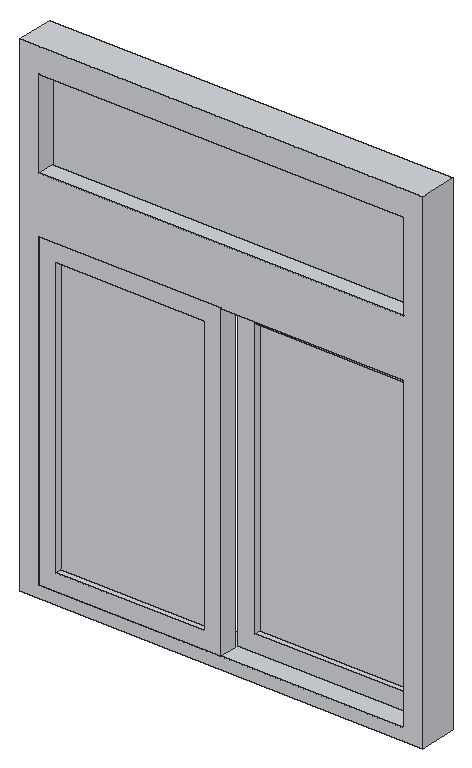
Revit family "Window W2", category Windows, host Wall, Revit 2025
Family settings
  Host = Wall
  OmniClass Number = 23.30.20.00
  OmniClass Title = Windows
  Always vertical = Yes
  Cut with Voids When Loaded = No
  Shared = No
  Room Calculation Point = No
Parameters
  Height = 4' - 0"
  Glass Material = none
  Glass Depth = 0' - 0 1/2"
  Frame Material = none
  Depth = 0' - 4 1/2"
  Default Sill Height = 3' - 0"
  Wall Closure = By host
  Width = 4' - 0"
Reference planes (in)
  plane 1 "Center (Front/Back)": y = 0
  plane 2: z = 0
  plane 3 "Center (Left/Right)": x = 0
  plane 4 "Sill": z = 36
  plane 5 "Top": z = 84
  plane 6: y = 2.25
  plane 7: y = -2.25
  plane 8: y = 0.25
  plane 9: y = -0.25
Forms (in)
  Extrusion 1, solid, material <- "Frame Material"
    sketch origin (0, 0, 0) x (1, 0, 0) y (0, 0, 1)
      loop
        line (21.75, 74.625) -> (-21.75, 74.625) -> (-21.75, 37.4375) -> (21.75, 37.4375) -> (21.75, 74.625)
      loop
        line (21.75, 92) -> (-21.75, 92) -> (-21.75, 81.5) -> (21.75, 81.5) -> (21.75, 92)
      loop
        line (24, 95) -> (-24, 95) -> (-24, 36) -> (24, 36) -> (24, 95)
    from -2.25 to 2.25
  Extrusion 2, solid, material <- "Glass Material"
    sketch origin (0, 0, 0) x (1, 0, 0) y (0, 0, 1)
      loop
        line (22.25, 92) -> (-22.25, 92) -> (-22.25, 81.5) -> (22.25, 81.5) -> (22.25, 92)
    from -0.25 to 0.25
Lines and regions (in)
  Opening 1
    outline origin (-60, -7, 0) x (1, 0, 0) y (0, 0, 1)
      loop
        line (36, 95) -> (36, 36) -> (84, 36) -> (84, 95) -> (36, 95)
Text (in)
  text "EXTERIOR" at (-58.6888, 50.90694, 0), in view "Ref. Level"
  text "INTERIOR" at (-58.6888, -37.76638, 0), in view "Ref. Level"
  text "Exterior" at (0, 43.65631, 123.19604), in view "Left"
  text "Exterior" at (0, 18.29385, 125.04747), in view "Right"
Dimensions and locks (in)
  "Height": plane 4 "Sill" to plane 5 "Top"
  "Default Sill Height": plane 2 to plane 4 "Sill"
  equal spacing: Extrusion 1 sketch curve, plane 3 "Center (Left/Right)", Extrusion 1 sketch curve  (x3)
  "Width": Extrusion 1 sketch curve to Extrusion 1 sketch curve
  Extrusion 1 sketch curve to Extrusion 1 sketch curve = 0' - 2 1/4"  (x2)
  plane 4 "Sill" to Extrusion 1 sketch curve = 4' - 11"
  Extrusion 1 sketch curve to Extrusion 1 sketch curve = 0' - 3"  (x2)
  plane 4 "Sill" to Extrusion 1 sketch curve = 0' - 1 7/16"
  Extrusion 1 sketch curve to Extrusion 1 sketch curve = 3' - 1 3/16"  (x2)
  Extrusion 1 sketch curve to Extrusion 1 sketch curve = 0' - 6 7/8"
  equal spacing: plane 6, plane 1 "Center (Front/Back)", plane 7
  "Depth": plane 6 to plane 7
  equal spacing: host wall, plane 1 "Center (Front/Back)", host wall
  equal spacing: plane 8, plane 1 "Center (Front/Back)", plane 9
  "Glass Depth": plane 8 to plane 9
  host wall to host wall = 4' - 0"
  Extrusion 1 to host wall = 0' - 2 1/4"
  aligned and locked: plane 4 "Sill" to Opening 1 sketch curve  (x2)
  aligned and locked: level to plane 2
  aligned and locked: Extrusion 1 sketch curve to plane 4 "Sill"
  aligned and locked: Extrusion 1 to plane 7
  aligned and locked: plane 6 to Extrusion 1
  aligned and locked: Extrusion 1 to Opening 1 sketch curve  (x2)
  aligned and locked: Opening 1 sketch curve to Extrusion 1
  aligned and locked: plane 8 to Extrusion 2
  aligned and locked: Extrusion 2 to plane 9
Automatic sketch dimensions
  Extrusion 2 sketch curve to plane 5 "Top" = 0' - 8"
  Extrusion 2 sketch curve to plane 3 "Center (Left/Right)" = 1' - 10 1/4"
  plane 5 "Top" to Extrusion 2 sketch curve = 0' - 2 1/2"
  plane 3 "Center (Left/Right)" to Extrusion 2 sketch curve = 1' - 10 1/4"
Nested families (in)
  nested 1: "Family7" at (-10.875, -1.25, 37.4375), type "Family7"
  nested 2: "Family7" at (10.875, 1.25, 37.4375), type "Family7"
Definition of nested family "Family7"
  Parameters (values of type "Family7")
    Width = 1' - 9 3/4"
    Glass Material = none
    Glass Depth = 0' - 0 1/2"
    Frame Material = none
    Depth = 0' - 2"
    Default Elevation = 0' - 0"
  Reference planes (in)
    plane 1 "Center (Front/Back)": y = 0
    plane 2: z = 0
    plane 3 "Center (Left/Right)": x = 0
    plane 4: y = 1
    plane 5: y = -1
    plane 6: y = 0.25
    plane 7: y = -0.25
  Forms (in)
    Extrusion 1, solid, material <- "Frame Material"
      sketch origin (0, 0, 0) x (1, 0, 0) y (0, 0, 1)
        loop
          line (-10.875, 37.1875) -> (-10.875, 0) -> (10.875, 0) -> (10.875, 37.1875) -> (-10.875, 37.1875)
        loop
          line (8.875, 35.1875) -> (-8.875, 35.1875) -> (-8.875, 2) -> (8.875, 2) -> (8.875, 35.1875)
      from -1 to 1
    Extrusion 2, solid, material <- "Glass Material"
      sketch origin (0, 0, 0) x (1, 0, 0) y (0, 0, 1)
        loop
          line (-8.875, 35.1875) -> (-8.875, 2) -> (8.875, 2) -> (8.875, 35.1875) -> (-8.875, 35.1875)
      from -0.25 to 0.25
  Lines and regions (in)
    symbolic lines
      curve 1: line (-8.875, 1, 0) -> (-8.34984, 0.25, 0)
      curve 2: line (-8.875, -1, 0) -> (-8.34984, -0.25, 0)
      curve 3: line (8.875, 1, 0) -> (8.34984, 0.25, 0)
      curve 4: line (8.875, -1, 0) -> (8.34984, -0.25, 0)
  Dimensions and locks (in)
    equal spacing: Extrusion 1 sketch curve, plane 3 "Center (Left/Right)", Extrusion 1 sketch curve
    "Width": Extrusion 1 sketch curve to Extrusion 1 sketch curve
    Extrusion 1 sketch curve to plane 2 = 3' - 1 3/16"
    equal spacing: plane 4, plane 1 "Center (Front/Back)", plane 5
    "Depth": plane 4 to plane 5
    equal spacing: plane 6, plane 1 "Center (Front/Back)", plane 7
    "Glass Depth": plane 6 to plane 7
    Extrusion 1 sketch curve to Extrusion 2 = 0' - 2"
    aligned and locked: plane 2 to level
    aligned and locked: Extrusion 1 to plane 5
    aligned and locked: plane 4 to Extrusion 1
    aligned and locked: Extrusion 2 to plane 7
    aligned and locked: plane 6 to Extrusion 2
    aligned and locked: Extrusion 2 sketch curve to Extrusion 1  (x3)
  Automatic sketch dimensions
    level to Extrusion 2 sketch curve = 0' - 2"
    curve 1 to plane 4 = 0' - 0"
    curve 2 to plane 5 = 0' - 0"
    curve 2 to plane 7 = 0' - 0"
    curve 1 to plane 6 = 0' - 0"
    curve 4 to plane 7 = 0' - 0"
    curve 3 to plane 6 = 0' - 0"
    curve 4 to plane 5 = 0' - 0"
    curve 3 to plane 4 = 0' - 0"
    curve 1 to plane 3 "Center (Left/Right)" = 0' - 8 7/8"
    curve 2 to curve 1 = 0' - 0"
    curve 2 to curve 2 = 0' - 0.52516"
    curve 1 to curve 2 = 0' - 0"
    plane 3 "Center (Left/Right)" to curve 4 = 0' - 8.34984"
    curve 3 to curve 4 = 0' - 0"
    curve 4 to curve 4 = 0' - 0.52516"
    curve 3 to curve 3 = 0' - 0.52516"
    Extrusion 1 sketch curve to level = 0' - 0"
    Extrusion 1 sketch curve to Extrusion 1 sketch curve = 0' - 2"  (x3)
    level to Extrusion 1 sketch curve = 0' - 2"
